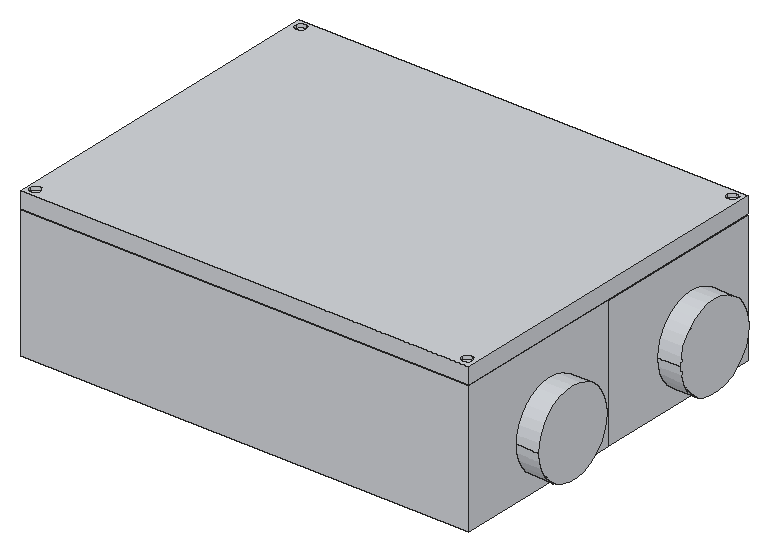
Revit family "Entro DV250", category Mechanical Equipment, Revit 2013
Parameters (values of type "DV250 Entro")
  Width mm = 850 mm
  Warranty = "2 years"
  Voltage Supply      Single Phase = "220-240v AC"
  Summer/Winter by-pass = "Yes"
  Summer by-pass = "Automatic 100%"
  SAP Appendix Q Eligible = "Yes"
  Pre Heater = "Optional 400/700/1700 W"
  Passive House Certified = "Yes"
  Part Number = "90000397"
  Model = "DV250 Entro"
  Meets Building Regulations Approved Document F 2010 = "Yes"
  Max Air Volume  m3/hr = "280"
  Kitchen + 5 wet rooms = "1.38 W/l/s"
  Kitchen + 4 wet rooms = "1.20 W/l/s"
  Kitchen + 3 wet rooms = "0.93 W/l/s"
  Kitchen + 2 wet rooms = "0.78 W/l/s"
  Kitchen + 1 wet rooms = "0.70 W/l/s"
  IP Rating = "IP20"
  Humidity control (optional) = "Yes"
  Height mm = 660 mm
  Heat Recovery = "<95%"
  Heat Exchanger = "Counterflow"
  Frequency = "50Hz"
  Flow [instance] = 0.0 L/s
  Filter maintenance reminder = "Optional"
  Electronic control panel with LCD display = "Optional"
  EC motor for fine speed control and low SFP = "Yes"
  Duct Connections = "4 x 160mm dia"
  Depth mm = 280 mm
  Control Standard = "Manual Speed"
  Control Optional = "CO2,Humidity,Digital"
  Condensate pipe dia = 14 mm
  Carbon dioxide control (optional) = "Yes"
  Anti frost protection = "Included"
  Air Volume m3/hr@ Pa = "230@100Pa\r\n175@100Pa"
  Air Filters = "2 x G4 or 2 x F7 (optional)"
  After Heater = "Optional 400/700/1700 W"
Reference planes
  plane 1 "Center (Front/Back)": y = 0
  plane 2: z = 0
  plane 3 "Center (Left/Right)": x = 0
  plane 4: y = 330
  plane 5: y = -330
  plane 6: x = -425
  plane 7: x = 425
  plane 8: z = 280
  plane 9: z = 100
  plane 10: y = 195
  plane 11: y = -140
  plane 12: x = -470
  plane 13: x = 470
  plane 14: y = 120
  plane 15: z = 250
  plane 16: z = 247
Forms (mm)
  Extrusion 1, solid
    sketch origin (0, 0, 0) x (1, 0, 0) y (0, 1, 0)
      loop
        line (-425, 330) -> (-425, -330) -> (425, -330) -> (425, 330) -> (-425, 330)
    from 0 to 280
  Extrusion 2, solid
    sketch origin (-425, 1121.359, 1182) x (0, 1, 0) y (0, 0, 1)
      loop
        circle (-1001.359, -1082) r 80
    from -45 to 0
  Extrusion 3, solid
    sketch origin (-425, 1121.359, 1200) x (0, 1, 0) y (0, 0, 1)
      loop
        circle (-1261.359, -1100) r 80
    from -45 to 0
  Extrusion 4, solid
    sketch origin (425, 1121.359, 1200) x (0, 1, 0) y (0, 0, 1)
      loop
        circle (-1261.359, -1100) r 80
    from 0 to 45
  Extrusion 5, void
    sketch origin (425, -330, 0) x (1, 0, 0) y (0, 0, -1)
      loop
        line (-850, -250) -> (0, -250) -> (0, -247) -> (-850, -247) -> (-850, -250)
    from 0 to 2.5
  Extrusion 6, void
    sketch origin (-425, 230, 0) x (0, -1, 0) y (0, 0, -1)
      loop
        line (-100, -250) -> (560, -250) -> (560, -247) -> (-100, -247) -> (-100, -250)
    from 0 to 2.5
  Extrusion 7, void
    sketch origin (425, 330, 0) x (1, 0, 0) y (0, 0, 1)
      loop
        line (-850, 250) -> (-850, 247) -> (0, 247) -> (0, 250) -> (-850, 250)
    from 0 to 2.5
  Extrusion 8, void
    sketch origin (425, 230, 0) x (0, -1, 0) y (0, 0, 1)
      loop
        line (-100, 250) -> (-100, 247) -> (560, 247) -> (560, 250) -> (-100, 250)
    from 0 to 2.5
  Extrusion 9, void
    sketch origin (-425, 230, 0) x (0, -1, 0) y (0, 0, -1)
      loop
        line (231.5, -247) -> (231.5, 0) -> (228.5, 0) -> (228.5, -247) -> (231.5, -247)
    from 0 to 2.5
  Extrusion 10, void
    sketch origin (425, 230, 0) x (0, -1, 0) y (0, 0, 1)
      loop
        line (231.5, 247) -> (228.5, 247) -> (228.5, 0) -> (231.5, 0) -> (231.5, 247)
    from 0 to 2.5
  Extrusion 11, void
    sketch origin (0, 0, 280) x (0, 1, 0) y (1, 0, 0)
      loop
        circle (314, 409) r 10
      loop
        circle (314, -409) r 10
      loop
        circle (-314, 409) r 10
      loop
        circle (-314, -409) r 10
    from 0 to 5
  Extrusion 12, solid
    sketch origin (425, 1121.359, 1200) x (0, 1, 0) y (0, 0, 1)
      loop
        circle (-926.359, -1100) r 80
    from 0 to 45
Cuts and joins
  Extrusion 5, Extrusion 6, Extrusion 7, Extrusion 8, Extrusion 9, Extrusion 10, Extrusion 11 cuts Extrusion 1
Dimensions and locks
  plane 6 to plane 7 = 850 mm
  plane 7 to plane 6 = 850 mm
  plane 9 to level = 100 mm
  plane 4 to plane 14 = 210 mm
  plane 11 to plane 5 = 190 mm
  plane 5 to plane 11 = 190 mm
  plane 10 to plane 4 = 135 mm
  plane 8 to level = 280 mm  (x2)
  plane 4 to plane 5 = 660 mm
  plane 12 to plane 6 = 45 mm
Connectors
  hvac at (-470, -140, 100)
    settings: on Extrusion 3, index 1, duct flow 0.0 L/s, flow factor 0, pres drop 0.0 Pa, loss coef 0, conn angle 0.00°, conn width 304.8 mm, conn height 304.8 mm, conn radius 80 mm, duct sys type 2, conn prof type 0, flow config 0, flow direction 1, loss method 0, conn ref index -1, conn util no, is conn primary yes, conn desc ""
  hvac at (-470, 120, 100)
    settings: on Extrusion 2, index 2, duct flow 0.0 L/s, flow factor 0, pres drop 0.0 Pa, loss coef 0, conn angle 0.00°, conn width 304.8 mm, conn height 304.8 mm, conn radius 80 mm, duct sys type 1, conn prof type 0, flow config 0, flow direction 2, loss method 0, conn ref index -1, conn util no, is conn primary no, conn desc ""
  hvac at (470, -140, 100)
    settings: on Extrusion 4, index 3, duct flow 0.0 L/s, flow factor 0, pres drop 0.0 Pa, loss coef 0, conn angle 0.00°, conn width 304.8 mm, conn height 304.8 mm, conn radius 80 mm, duct sys type 1, conn prof type 0, flow config 0, flow direction 1, loss method 0, conn ref index -1, conn util no, is conn primary no, conn desc ""
  hvac at (470, -140, 100)
    settings: on Extrusion 4, index 4, duct flow 0.0 L/s, flow factor 0, pres drop 0.0 Pa, loss coef 0, conn angle 0.00°, conn width 304.8 mm, conn height 304.8 mm, conn radius 80 mm, duct sys type 1, conn prof type 0, flow config 0, flow direction 1, loss method 0, conn ref index -1, conn util no, is conn primary no, conn desc ""
  hvac at (470, 195, 100)
    settings: on Extrusion 12, index 5, duct flow 0.0 L/s, flow factor 0, pres drop 0.0 Pa, loss coef 0, conn angle 0.00°, conn width 304.8 mm, conn height 304.8 mm, conn radius 80 mm, duct sys type 3, conn prof type 0, flow config 0, flow direction 2, loss method 0, conn ref index -1, conn util no, is conn primary no, conn desc ""
